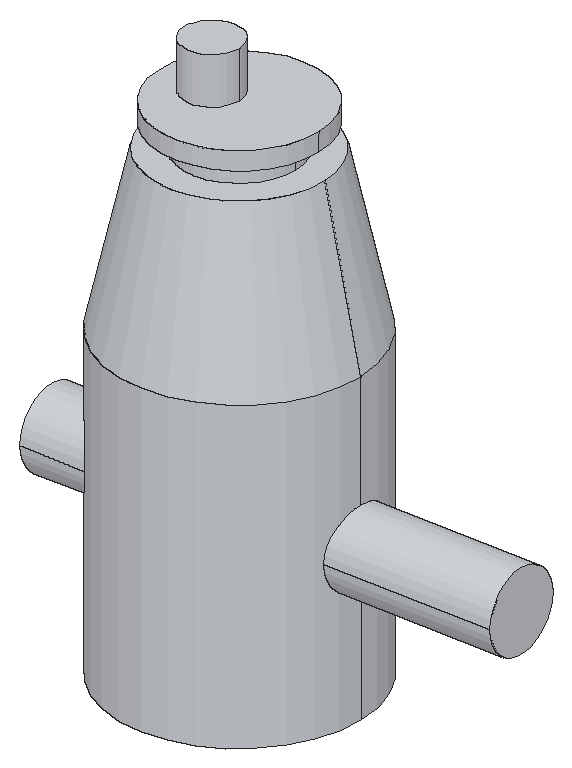
Revit family "M_Separador de ar - Vortex - 20-50 mm", category Acessórios do tubo, Revit 2019
Family settings
  Cota do conector redondo = Usar raio
  Tipo de parte = Quebra em
  Número OmniClass = 23.65.50.11
  Título OmniClass = Water Treatment
  ID de item do Seek = Air Separator - Vortex - 20-50 mm-0000-CAN-ENU
  Com base no plano de trabalho = Não
  Sempre na vertical = Sim
  Corte com vazios quando carregada = Não
  Compartilhado = Não
Parameters (values of type "20 mm")
  Raio da ventilação = 8.5 mm
  Diâmetro da ventilação = Raio da ventilação * 2  # 17 mm
  Largura do separador 2 = 0.35 * Largura do separador  # 26.25 mm
  Largura do separador 1 = 0.5 * Largura do separador  # 37.5 mm
  Comprimento do separador 1 = 0.4 * Comprimento do separador  # 58 mm
  Altura do separador 1 = 1 / 4 * Altura do separador  # 47.5 mm
  Raio externo = Raio nominal * 1.2  # 12 mm
  Diâmetro externo = Raio externo * 2  # 24 mm
  Diâmetro nominal = Raio nominal * 2  # 20 mm
  Comprimento 2 = 0.16 * C1 Deslocamento 1  # 20 mm
  Comprimento 1 = 0.4 * C1 Deslocamento 1  # 50 mm
  K Coefficient = 12.5
  Raio do reservatório inferior = 12.5 mm
  Largura do separador = 75 mm
  Comprimento do separador = 145 mm
  Altura do separador = 190 mm
  Raio nominal = 10 mm
  C1 Deslocamento 1 = 125 mm
  Diâmetro do reservatório inferior = Raio do reservatório inferior * 2  # 25 mm
  Material do separador de ar = none
Types (6, lengths in mm): name | Largura do separador 2 | Largura do separador 1 | Comprimento do separador 1 | Altura do separador 1 | Raio externo | Diâmetro externo | Diâmetro nominal | Comprimento 2 | Comprimento 1 | K Coefficient | Largura do separador | Comprimento do separador | Altura do separador | Raio nominal | C1 Deslocamento 1
  (no name) | 26.25 | 37.5 | 58 | 47.5 | 12 | 24 | 20 | 20 | 50 | 12.5 | 75 | 145 | 190 | 10 | 125
  20 mm | 26.25 | 37.5 | 58 | 47.5 | 12 | 24 | 20 | 20 | 50 | 12.5 | 75 | 145 | 190 | 10 | 125
  25 mm | 26.25 | 37.5 | 58 | 47.5 | 15 | 30 | 25 | 20 | 50 | 14.1 | 75 | 145 | 190 | 12.5 | 125
  32 mm | 26.25 | 37.5 | 58 | 47.5 | 19.2 | 38.4 | 32 | 20 | 50 | 17 | 75 | 145 | 190 | 16 | 125
  40 mm | 42 | 60 | 80 | 57.5 | 24 | 48 | 40 | 23.2 | 58 | 30.1 | 120 | 200 | 230 | 20 | 145
  50 mm | 42 | 60 | 80 | 57.5 | 30 | 60 | 50 | 23.2 | 58 | 36.9 | 120 | 200 | 230 | 25 | 145
Reference planes
  plane 1 "Centro (Frente/Trás)": y = 0
  plane 2: z = 0
  plane 3 "Centro (Esquerda/Direita)": x = 0
  plane 4: x = -58
  plane 5: x = 87
  plane 6: z = -47.5
  plane 7: z = -49.881
  plane 8: z = 47.5
  plane 9: z = 97.5
  plane 10: z = 125
  plane 11: z = 105
  plane 12: z = 110.556
  plane 13: x = -8.5
Forms (mm)
  Extrusion 1, solid, material <- "Material do separador de ar"
    sketch origin (0, 0, 0) x (0, 1, 0) y (0, 0, 1)
      loop
        circle (0, 0) r 12
    from -58 to 87
  Extrusion 2, solid, material <- "Material do separador de ar"
    sketch origin (0, 0, 0) x (1, 0, 0) y (0, 1, 0)
      loop
        circle (0, 0) r 37.5
    from -47.5 to 47.5
  Extrusion 3, solid, material <- "Material do separador de ar"
    sketch origin (0, 0, 0) x (1, 0, 0) y (0, 1, 0)
      loop
        circle (0, 0) r 12.5
    from -49.881 to -47.5
  Blend 4, solid, material <- "Material do separador de ar"
    base sketch origin (0, 0, 0) x (1, 0, 0) y (0, 1, 0)
      loop
        circle (0, 0) r 37.5
    top sketch origin (0, 0, 0) x (1, 0, 0) y (0, 1, 0)
      loop
        circle (0, 0) r 26.25
    from 47.5 to 97.5
  Extrusion 5, solid, material <- "Material do separador de ar"
    sketch origin (0, 0, 0) x (1, 0, 0) y (0, 1, 0)
      loop
        circle (0, 0) r 17.463
    from 97.5 to 105
  Extrusion 6, solid, material <- "Material do separador de ar"
    sketch origin (0, 0, 0) x (1, 0, 0) y (0, 1, 0)
      loop
        circle (0, 0) r 24.606
    from 105 to 110.556
  Extrusion 7, solid, material <- "Material do separador de ar"
    sketch origin (0, 0, 0) x (1, 0, 0) y (0, 1, 0)
      loop
        circle (-8.5, 0) r 8.5
    from 110.556 to 125
Cuts and joins
  joined: Extrusion 1, Extrusion 2
  joined: Extrusion 5, Extrusion 6, Extrusion 7
Dimensions and locks
  "Comprimento do separador 1": plane 3 "Centro (Esquerda/Direita)" to plane 4
  "Comprimento do separador": plane 5 to plane 4
  "Altura do separador 1": plane 2 to plane 6
  locked: plane 6 to plane 7 at 2.381
  "Altura do separador 1": plane 8 to plane 2
  "Comprimento 1": plane 9 to plane 8
  "C1 Deslocamento 1": plane 10 to plane 2
  "Comprimento 2": plane 10 to plane 11
  locked: plane 12 to plane 11 at 5.556
  "Raio da ventilação": plane 3 "Centro (Esquerda/Direita)" to plane 13
  "Raio externo": radius of Extrusion 1 sketch curve
  "Largura do separador 1": radius of Extrusion 2 sketch curve
  "Raio do reservatório inferior": radius of Extrusion 3 sketch curve
  "Largura do separador 1": radius of Blend 4 sketch curve
  "Largura do separador 2": radius of Blend 4 sketch curve
  radius of Extrusion 5 sketch curve = 17.463 mm
  radius of Extrusion 6 sketch curve = 24.606 mm
  "Raio da ventilação": radius of Extrusion 7 sketch curve
  aligned and locked: plane 1 "Centro (Frente/Trás)" to Extrusion 1 sketch curve
  aligned and locked: plane 2 to Extrusion 1 sketch curve
  aligned and locked: Extrusion 1 to plane 4
  aligned and locked: plane 5 to Extrusion 1
  aligned and locked: plane 3 "Centro (Esquerda/Direita)" to Extrusion 2 sketch curve
  aligned and locked: plane 1 "Centro (Frente/Trás)" to Extrusion 2 sketch curve
  aligned and locked: Extrusion 2 to plane 6
  aligned and locked: plane 8 to Extrusion 2
  aligned and locked: plane 3 "Centro (Esquerda/Direita)" to Extrusion 3 sketch curve
  aligned and locked: plane 1 "Centro (Frente/Trás)" to Extrusion 3 sketch curve
  aligned and locked: Extrusion 3 to plane 7
  aligned and locked: plane 6 to Extrusion 3
  aligned and locked: plane 3 "Centro (Esquerda/Direita)" to Blend 4 sketch curve  (x2)
  aligned and locked: plane 1 "Centro (Frente/Trás)" to Blend 4 sketch curve  (x2)
  aligned and locked: plane 9 to Blend 4
  aligned and locked: Blend 4 to plane 8
  aligned and locked: plane 3 "Centro (Esquerda/Direita)" to Extrusion 5 sketch curve
  aligned and locked: plane 1 "Centro (Frente/Trás)" to Extrusion 5 sketch curve
  aligned and locked: Extrusion 5 to plane 9
  aligned and locked: plane 11 to Extrusion 5
  aligned and locked: plane 3 "Centro (Esquerda/Direita)" to Extrusion 6 sketch curve
  aligned and locked: plane 1 "Centro (Frente/Trás)" to Extrusion 6 sketch curve
  aligned and locked: Extrusion 6 to plane 11
  aligned and locked: plane 12 to Extrusion 6
  aligned and locked: plane 13 to Extrusion 7 sketch curve
  aligned and locked: plane 1 "Centro (Frente/Trás)" to Extrusion 7 sketch curve
  aligned and locked: Extrusion 7 to plane 12
  aligned and locked: plane 10 to Extrusion 7
Connectors
  piping at (-58, 0, 0), diameter 20, driven by "Raio nominal"
    settings: on cut or joined group of Extrusion 1, Extrusion 2, index 1, connector inside diameter 20 mm, connector length 0 mm, flow factor 0, pipe flow 0.0 L/s, pressure drop 0.0 Pa, fitting loss kfactor 0, connector angle 0.00°, fixture units 0, engagement length 0 mm, angle of deflection 0.00°, flow configuration 0, flow direction 0, fitting loss method 2, system type 29, joint type 0, gender type 0, connector reference index 2, connector utility 0, adjustable connector no, is connector primary yes, connector description "Conectado a entrada da caldeira/resfriador"
  piping at (87, 0, 0), diameter 20, driven by "K Coefficient", driven by "Raio nominal"
    settings: on cut or joined group of Extrusion 1, Extrusion 2, index 2, connector inside diameter 20 mm, connector length 0 mm, flow factor 0, pipe flow 0.0 L/s, pressure drop 0.0 Pa, fitting loss kfactor 12.5, connector angle 0.00°, fixture units 0, engagement length 0 mm, angle of deflection 0.00°, flow configuration 0, flow direction 0, fitting loss method 2, system type 29, joint type 0, gender type 0, connector reference index 1, connector utility 0, adjustable connector no, is connector primary no, connector description "Conectado a saída da bomba"
  piping at (-8.5, 0, 125), diameter 17, driven by "Raio da ventilação"
    settings: on Extrusion 7, index 3, connector inside diameter 17 mm, connector length 0 mm, flow factor 0, pipe flow 0.0 L/s, pressure drop 0.0 Pa, fitting loss kfactor 0, connector angle 0.00°, fixture units 0, engagement length 0 mm, angle of deflection 0.00°, flow configuration 1, flow direction 2, fitting loss method 0, system type 29, joint type 0, gender type 0, connector reference index -1, connector utility 0, adjustable connector no, is connector primary no, connector description "Conectado a ventilação ou diafragma/saída do reservatório de compressão"
